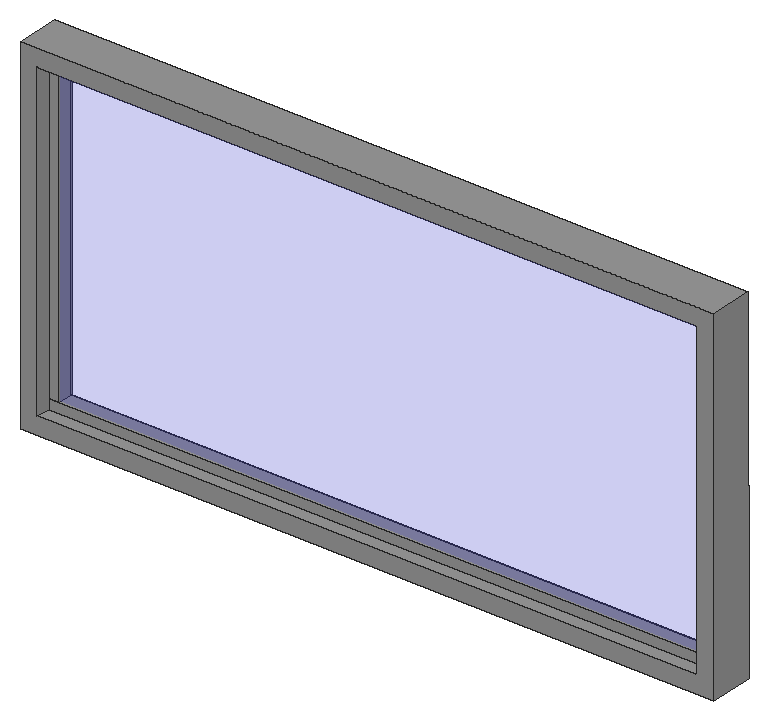
Revit family "Studio 4 Window", category Windows, host Wall, Revit 2023
Family settings
  Host = Wall
  OmniClass Number = 23.30.20.00
  OmniClass Title = Windows
  Always vertical = Yes
  Cut with Voids When Loaded = No
  Shared = No
  Room Calculation Point = No
Parameters (values of type "FLAT 72 x 36")
  d = if(Inclined, 0' 2 1/2", 0' 0")  # 0' - 0"
  b = if(Inclined, 0' 1", 0' 2 1/4")  # 0' - 2 1/4"
  a = Width - 0' 3 1/2"  # 5' - 8 1/2"
  URL = "https://www.acousticalsurfaces.com/acoustic_windows/acoustical_windows.htm"
  Type Comments = "Soundproof windows"
  Rough Width = 6' - 0 1/2"
  Rough Height = 3' - 0 1/2"
  Offset [instance] = 0' - 0"
  Manufacturer = "Acoustical Surfaces, Inc."
  Inclined = no
  Height = 3' - 0"
  Glass = Laminated Glass – Studio (4/5/6/8) Soundproof Window
  Frame Material = Aluminum – Studio (4/5/6/8) Soundproof Window
  Frame Finish = "Clear / Dark Bronze Anodized"
  Description = "Soundproof interior windows"
  Define Thermal Properties by = Schematic Type
  Default Sill Height = 2' - 7.49606"
  Wall Closure = By host
  Width = 6' - 0"
  Assembly Code = "C1030"
  Analytic Construction = "<None>"
Types (4): name | d | b | a | Rough Width | Inclined | Width
  FLAT 72 x 36 | 0' - 0" | 0' - 2 1/4" | 5' - 8 1/2" | 6' - 0 1/2" | no | 6' - 0"
  FLAT 48 x 36 | 0' - 0" | 0' - 2 1/4" | 3' - 8 1/2" | 4' - 0 1/2" | no | 4' - 0"
  ANGLED 72 x 36 | 0' - 2 1/2" | 0' - 1" | 5' - 8 1/2" | 6' - 0 1/2" | yes | 6' - 0"
  ANGLED 48 x 36 | 0' - 2 1/2" | 0' - 1" | 3' - 8 1/2" | 4' - 0 1/2" | yes | 4' - 0"
Reference planes (in)
  plane 1 "Center (Front/Back)": y = 0
  plane 2 "Center (Left/Right)": x = 0
  plane 3 "Left": x = -36
  plane 4 "Right": x = 36
  plane 5 "Sill": z = 31.49606
  plane 6 "Head": z = 67.49606
  plane 7 "Exterior": y = 3.93701
  plane 8 "Interior": y = -3.93701
  plane 9: y = 3.93701
  plane 10: y = -0.56299
Forms (in)
  Extrusion 1, solid, material "Aluminum – Studio (4/5/6/8) Soundproof Window" <- "Frame Material"
    sketch origin (-36, 0, 0) x (0, -1, 0) y (0, 0, 1)
      loop
        line (-0.91525, 65.74606) -> (-2.45876, 65.74606) -> (-2.45876, 64.74606) -> (-0.91525, 64.74606) -> (-0.91525, 65.74606)
      loop
        line (-2.45876, 33.24606) -> (-0.91525, 33.24606) -> (-0.91525, 34.24705) -> (-2.45876, 34.24705) -> (-2.45876, 33.24606)
    from -72 to 0
  Extrusion 2, solid, material "Aluminum – Studio (4/5/6/8) Soundproof Window" <- "Frame Material"
    sketch origin (-413.38583, 3.93701, 73.66543) x (0, 0, 1) y (-1, 0, 0)
      loop
        line (-6.16937, -377.38583) -> (-42.16937, -377.38583) -> (-42.16937, -449.38583) -> (-6.16937, -449.38583) -> (-6.16937, -377.38583)
      loop
        line (-7.91937, -379.13583) -> (-40.41937, -379.13583) -> (-40.41937, -447.63583) -> (-7.91937, -447.63583) -> (-7.91937, -379.13583)
    from 0 to 4.5
Cuts and joins
  joined: Extrusion 1, Extrusion 2
Lines and regions (in)
  Opening 1
    outline origin (137.79528, -3.93701, 0) x (1, 0, 0) y (0, 0, 1)
      loop
        line (-101.79528, 31.49606) -> (-101.79528, 67.49606) -> (-173.79528, 67.49606) -> (-173.79528, 31.49606) -> (-101.79528, 31.49606)
Text (in)
  text "EXTERIOR" at (-77.29147, 52.45485, 0), in view "Ref. Level"
  text "INTERIOR" at (-78.01048, -32.21994, 0), in view "Ref. Level"
  text "Exterior" at (0, 36.36817, 115.8778), in view "Right"
  text "Exterior" at (0, 40.96394, 105.72475), in view "Left"
Dimensions and locks (in)
  equal spacing: plane 3 "Left", plane 2 "Center (Left/Right)", plane 4 "Right"
  "Width": plane 3 "Left" to plane 4 "Right"
  "Height": plane 5 "Sill" to plane 6 "Head"
  "Default Sill Height": plane 5 "Sill" to level
  locked: plane 7 "Exterior" to host wall
  locked: plane 8 "Interior" to host wall
  "Offset": plane 9 to host wall
  equal spacing: plane 5 "Sill", nested 2, plane 6 "Head"
  locked: plane 9 to nested 2 at 2.25
  locked: nested 1 to plane 6 "Head" at 1.75
  locked: plane 3 "Left" to Extrusion 2 sketch curve at 1.75
  locked: Extrusion 2 sketch curve to plane 4 "Right" at 1.75
  locked: plane 5 "Sill" to Extrusion 2 sketch curve at 1.75
  locked: Extrusion 2 sketch curve to plane 6 "Head" at 1.75
  plane 9 to plane 10 = 0' - 4 1/2"
  "b": plane 9 to nested 1
  "b": nested 3 to plane 10
  locked: nested 1 to Extrusion 1 sketch curve at 0.77175
  cut or joined group of Extrusion 1, Extrusion 2 to nested 1 = 0' - 0.77175"
  locked: Extrusion 1 sketch curve to nested 1 at 0.77175
  locked: Extrusion 1 sketch curve to nested 3 at 0.77175
  locked: nested 3 to Extrusion 1 sketch curve at 0.77175
  aligned and locked: plane 4 "Right" to Extrusion 2 sketch curve
  aligned and locked: Extrusion 2 sketch curve to plane 5 "Sill"
  aligned and locked: plane 6 "Head" to Extrusion 2 sketch curve
  aligned and locked: Extrusion 2 sketch curve to plane 3 "Left"
  aligned and locked: Extrusion 1 to host wall  (x2)
  aligned and locked: Extrusion 2 to plane 9
  aligned and locked: plane 10 to Extrusion 2
  aligned and locked: Extrusion 1 to plane 4 "Right"
Automatic sketch dimensions
  Opening 1 sketch curve to plane 3 "Left" = 0' - 0"
  Opening 1 sketch curve to plane 4 "Right" = 0' - 0"
  Opening 1 sketch curve to plane 5 "Sill" = 0' - 0"
  Opening 1 sketch curve to plane 6 "Head" = 0' - 0"
  Extrusion 1 sketch curve to plane 5 "Sill" = 0' - 1 3/4"
  Extrusion 1 sketch curve to Extrusion 1 sketch curve = 0' - 1.00099"
  plane 6 "Head" to Extrusion 1 sketch curve = 0' - 2 3/4"
  Extrusion 1 sketch curve to Extrusion 1 sketch curve = 0' - 1"
Nested families (in)
  nested 1: "Family3" at (-36, 1.68701, 65.74606) x (0, -1, 0) z (-1, 0, 0), type "Family3"
  nested 2: "Inclined Glass" at (0, 1.68701, 49.49606) x (0, -1, 0) z (-1, 0, 0), type "Family4"
    with Width 5' - 8 1/2", Depth 0' - 0"
  nested 3: "Family3" at (-36, 1.68701, 33.24606) x (0, -1, 0) z (-1, 0, 0), type "Family3"
Definition of nested family "Inclined Glass"
  Parameters (values of type "Family4")
    Width = 3' - 8 1/2"
    Thickness = 0' - 1"
    Offset from Edge = 0' - 2 1/2"
    Material = none
    Height = 3' - 0"
    Frame Thickness = 0' - 1.37795"
    Frame = none
    Depth = 0' - 2 1/2"
    Default Elevation = 4' - 0"
  Reference planes (in)
    plane 1 "Center (Front/Back)": y = 0
    plane 2: z = 0
    plane 3 "Center (Left/Right)": x = 0
    plane 4: y = 18
    plane 5: y = -18
    plane 6: x = -1.25
    plane 7: x = 1.25
    plane 8: y = 15.5
    plane 9: y = -15.5
  Forms (in)
    Sweep 1, solid, material <- "Material"
      path origin (0, 0, 0) x (1, 0, 0) y (0, 1, 0)
        loop
          line (-1.25, 15.5) -> (1.25, -15.5)
      profile origin (0, 0, 0) x (0.996764, 0.080384, 0) y (0, 0, 1)
        loop
          line (-0.5, -22.25) -> (0.5, -22.25) -> (0.5, 22.25) -> (-0.5, 22.25) -> (-0.5, -22.25)
    Sweep 2, solid, material <- "Frame"
      path origin (0, 0, 0) x (1, 0, 0) y (0, 1, 0)
        loop
          line (-1.25, 15.5) -> (1.25, -15.5)
      profile origin (0, 0, 0) x (0.996764, 0.080384, 0) y (0, 0, 1)
        loop
          line (-0.68898, -22.25) -> (0.68898, -22.25) -> (0.68898, -21.25) -> (-0.68898, -21.25) -> (-0.68898, -22.25)
        loop
          line (-0.68898, 22.25) -> (-0.68898, 21.25) -> (0.68898, 21.25) -> (0.68898, 22.25) -> (-0.68898, 22.25)
  Dimensions and locks (in)
    equal spacing: plane 6, plane 3 "Center (Left/Right)", plane 7
    equal spacing: plane 4, plane 1 "Center (Front/Back)", plane 5
    "Height": plane 4 to plane 5
    "Depth": plane 6 to plane 7
    "Offset from Edge": plane 4 to plane 8
    "Offset from Edge": plane 9 to plane 5
    equal spacing: Sweep 1 sketch curve, profile plane, Sweep 1 sketch curve  (x2)
    "Thickness": Sweep 1 sketch curve to Sweep 1 sketch curve
    "Width": Sweep 1 sketch curve to Sweep 1 sketch curve
    equal spacing: Sweep 2 sketch curve, profile plane, Sweep 2 sketch curve  (x3)
    "Frame Thickness": Sweep 2 sketch curve to Sweep 2 sketch curve  (x2)
    "Width": Sweep 2 sketch curve to Sweep 2 sketch curve
    Sweep 2 sketch curve to Sweep 2 sketch curve = 0' - 1"  (x2)
    aligned and locked: level to plane 2
  Automatic sketch dimensions
    Sweep 1 sketch curve to plane 6 = 0' - 0"
    Sweep 1 sketch curve to plane 7 = 0' - 0"
    Sweep 1 sketch curve to plane 9 = 0' - 0"
    Sweep 1 sketch curve to plane 8 = 0' - 0"
    Sweep 2 sketch curve to plane 6 = 0' - 0"
    Sweep 2 sketch curve to plane 7 = 0' - 0"
    Sweep 2 sketch curve to plane 9 = 0' - 0"
    Sweep 2 sketch curve to plane 8 = 0' - 0"
Definition of nested family "Family3"
  Reference planes (in)
    plane 1 "Center (Front/Back)": y = 0
    plane 2: z = 0
    plane 3 "Center (Left/Right)": x = 0
